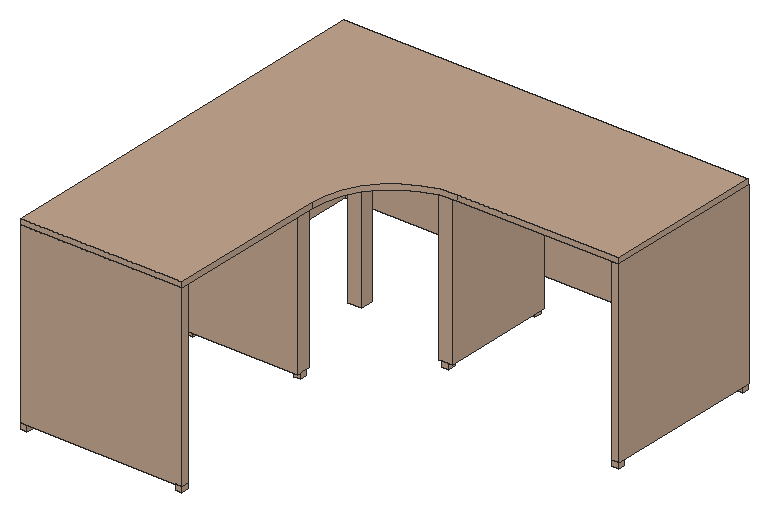
Revit family
Parameters (values of type "1500 x 600 mm")
  Width = 600 mm
  Material of Table = Table Material
  Length = 1500 mm
  Height = 700 mm
Reference planes
  plane 1 "Center (Front/Back)": y = 25
  plane 2: z = 0
  plane 3 "Center (Left/Right)": x = 0
  plane 4: y = 325
  plane 5: y = -275
  plane 6: x = -300
  plane 7: x = 300
  plane 8: z = 700
  plane 9: x = 1200
  plane 10: y = -1175
Forms (mm)
  Extrusion 1, solid, material "Table Material" <- "Material of Table"
    sketch origin (0, 0, 700) x (-1, 0, 0) y (0, -1, 0)
      loop
        line (300, -325) -> (300, 1175) -> (-300, 1175) -> (-300, 575)
        arc (-300, 575) -> (-387.868, 362.868) -> (-600, 275) r 300
        line (-600, 275) -> (-1200, 275) -> (-1200, -325) -> (300, -325)
    from 0 to -20
  Extrusion 2, solid, material "Table Material" <- "Material of Table"
    sketch origin (0, 0, 0) x (1, 0, 0) y (0, 1, 0)
      loop
        line (-300, -1150) -> (-275, -1150) -> (-275, 300) -> (1175, 300) -> (1175, 325) -> (-300, 325) -> (-300, -1150)
    from 130 to 680
  Extrusion 3, solid, material "Table Material" <- "Material of Table"
    sketch origin (0, 0, 0) x (1, 0, 0) y (0, 1, 0)
      loop
        line (-300, -1150) -> (-300, -1175) -> (-274.983, -1175) -> (-274.983, -1150) -> (-300, -1150)
      loop
        line (1175, 325) -> (1175, 300) -> (1200, 300) -> (1200, 325) -> (1175, 325)
      loop
        line (274.983, -1150) -> (274.983, -1175) -> (300, -1175) -> (300, -1150) -> (274.983, -1150)
      loop
        line (1175, -250) -> (1175, -275) -> (1200, -275) -> (1200, -250) -> (1175, -250)
    from 0 to 20
  Extrusion 4, solid, material "Table Material" <- "Material of Table"
    sketch origin (0, 0, 0) x (1, 0, 0) y (0, 1, 0)
      loop
        line (-275, -400) -> (-275, -450) -> (150, -450) -> (150, -400) -> (-275, -400)
      loop
        line (462.5, 300) -> (412.5, 300) -> (412.5, -125) -> (462.5, -125) -> (462.5, 300)
    from 20 to 680
  Extrusion 5, solid, material "Table Material" <- "Material of Table"
    sketch origin (0, 0, 0) x (1, 0, 0) y (0, 1, 0)
      loop
        line (124.983, -412.5) -> (124.983, -437.5) -> (150, -437.5) -> (150, -412.5) -> (124.983, -412.5)
      loop
        line (-249.983, -412.5) -> (-275, -412.5) -> (-275, -437.5) -> (-249.983, -437.5) -> (-249.983, -412.5)
    from 0 to 20
  Extrusion 6, solid, material "Table Material" <- "Material of Table"
    sketch origin (0, 0, 0) x (1, 0, 0) y (0, 1, 0)
      loop
        line (425, -100) -> (425, -125) -> (450, -125) -> (450, -100) -> (425, -100)
      loop
        line (425, 300) -> (425, 275) -> (450, 275) -> (450, 300) -> (425, 300)
    from 0 to 20
  Extrusion 7, solid, material "Table Material" <- "Material of Table"
    sketch origin (0, 0, 0) x (1, 0, 0) y (0, 1, 0)
      loop
        line (-25, 50) -> (-25, 0) -> (25, 0) -> (25, 50) -> (-25, 50)
    from 0 to 680
  Extrusion 8, solid, material "Table Material" <- "Material of Table"
    sketch origin (0, 0, 0) x (1, 0, 0) y (0, 1, 0)
      loop
        line (-300, -1150) -> (-300, -1175) -> (300, -1175) -> (300, -1150) -> (-300, -1150)
    from 20 to 680
  Extrusion 9, solid, material "Table Material" <- "Material of Table"
    sketch origin (0, 0, 0) x (1, 0, 0) y (0, 1, 0)
      loop
        line (1200, -275) -> (1200, 325) -> (1175, 325) -> (1175, -275) -> (1200, -275)
    from 20 to 680
Dimensions and locks
  equal spacing: plane 6, plane 3 "Center (Left/Right)", plane 7
  "Width": plane 6 to plane 7
  equal spacing: plane 5, plane 1 "Center (Front/Back)", plane 4
  "Width": plane 5 to plane 4
  "Length": plane 6 to plane 9
  "Length": plane 10 to plane 4
  "Height": plane 8 to level
  aligned and locked: plane 6 to Extrusion 1 sketch curve
  aligned and locked: plane 9 to Extrusion 1 sketch curve
  aligned and locked: plane 4 to Extrusion 1 sketch curve
  aligned and locked: Extrusion 4 to Extrusion 1
  aligned and locked: Extrusion 2 to Extrusion 3  (x2)
  aligned and locked: Extrusion 3 to Extrusion 2
  aligned and locked: Extrusion 7 to Extrusion 1
  aligned and locked: Extrusion 2 to Extrusion 8 sketch curve
  aligned and locked: Extrusion 8 sketch curve to Extrusion 3
  aligned and locked: Extrusion 1 to Extrusion 8 sketch curve
  aligned and locked: Extrusion 8 sketch curve to Extrusion 1
  aligned and locked: Extrusion 8 to Extrusion 1
  aligned and locked: Extrusion 8 to Extrusion 3
  aligned and locked: Extrusion 2 to Extrusion 1
  aligned and locked: Extrusion 9 sketch curve to Extrusion 1  (x2)
  aligned and locked: Extrusion 9 sketch curve to Extrusion 2  (x2)
  aligned and locked: Extrusion 9 to Extrusion 1
  aligned and locked: Extrusion 9 to Extrusion 3
Automatic sketch dimensions
  Extrusion 1 sketch curve to plane 7 = 0 mm
  Extrusion 1 sketch curve to plane 10 = 0 mm
  Extrusion 1 sketch curve to plane 5 = 0 mm
  plane 5 to Extrusion 1 sketch curve = 300 mm
  Extrusion 2 sketch curve to plane 4 = 0 mm
  Extrusion 2 sketch curve to plane 6 = 0 mm
  plane 6 to Extrusion 2 sketch curve = 25 mm
  Extrusion 2 sketch curve to plane 9 = 25 mm
  Extrusion 2 sketch curve to Extrusion 2 sketch curve = 25 mm
  plane 10 to Extrusion 2 sketch curve = 25 mm
  Extrusion 3 sketch curve to plane 6 = 0 mm
  Extrusion 3 sketch curve to plane 10 = 0 mm  (x2)
  Extrusion 3 sketch curve to plane 7 = 0 mm
  Extrusion 3 sketch curve to plane 4 = 0 mm
  Extrusion 3 sketch curve to plane 5 = 0 mm
  Extrusion 3 sketch curve to plane 9 = 0 mm  (x2)
  Extrusion 3 sketch curve to Extrusion 3 sketch curve = 25.017 mm
  Extrusion 3 sketch curve to plane 7 = 25.017 mm
  Extrusion 3 sketch curve to plane 9 = 25 mm  (x2)
  plane 10 to Extrusion 3 sketch curve = 25 mm  (x2)
  Extrusion 3 sketch curve to plane 5 = 25 mm
  Extrusion 3 sketch curve to Extrusion 3 sketch curve = 25 mm
  plane 6 to Extrusion 4 sketch curve = 25 mm
  plane 3 "Center (Left/Right)" to Extrusion 4 sketch curve = 150 mm
  plane 7 to Extrusion 4 sketch curve = 112.5 mm
  Extrusion 4 sketch curve to Extrusion 4 sketch curve = 50 mm  (x2)
  plane 5 to Extrusion 4 sketch curve = 175 mm
  plane 1 "Center (Front/Back)" to Extrusion 4 sketch curve = 150 mm
  plane 4 to Extrusion 4 sketch curve = 25 mm
  plane 6 to Extrusion 5 sketch curve = 25 mm
  Extrusion 5 sketch curve to Extrusion 5 sketch curve = 25.017 mm  (x2)
  plane 3 "Center (Left/Right)" to Extrusion 5 sketch curve = 124.983 mm
  plane 5 to Extrusion 5 sketch curve = 162.5 mm  (x2)
  Extrusion 5 sketch curve to Extrusion 5 sketch curve = 25 mm  (x2)
  plane 4 to Extrusion 6 sketch curve = 25 mm
  plane 7 to Extrusion 6 sketch curve = 125 mm  (x2)
  Extrusion 6 sketch curve to Extrusion 6 sketch curve = 25 mm  (x4)
  plane 1 "Center (Front/Back)" to Extrusion 6 sketch curve = 125 mm
  Extrusion 7 sketch curve to plane 3 "Center (Left/Right)" = 25 mm
  Extrusion 7 sketch curve to plane 1 "Center (Front/Back)" = 25 mm
  plane 3 "Center (Left/Right)" to Extrusion 7 sketch curve = 25 mm
  plane 1 "Center (Front/Back)" to Extrusion 7 sketch curve = 25 mm
